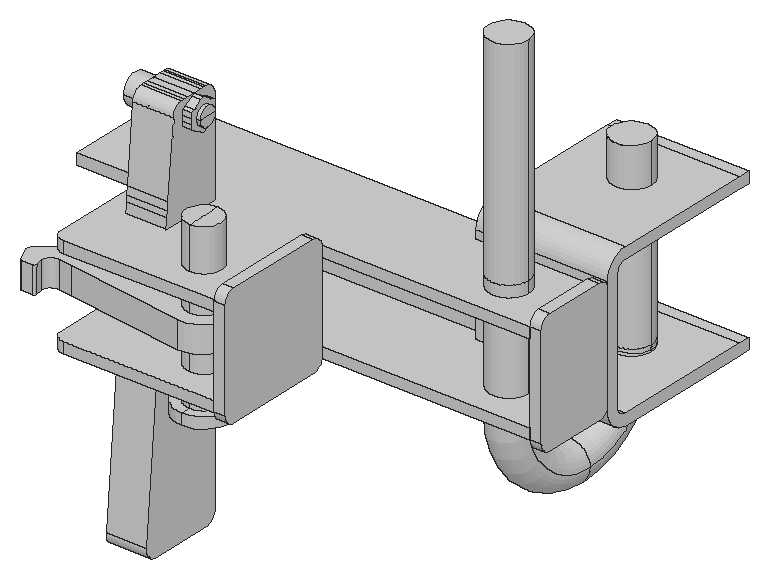
Revit family "ORMA_FOUNDATION HEAD_1908229", category Generic Models, Revit 2018
Family settings
  Can host rebar = No
  Round Connector Dimension = Use Diameter
  Part Type = Normal
  OmniClass Number = 35.51.14.00
  OmniClass Title = FORMWORK
  Work Plane-Based = Yes
  Always vertical = No
  Cut with Voids When Loaded = No
  Shared = Yes
  Room Calculation Point = No
Parameters
  VERSION = "20170217"  # constant formula
  URL = "www.ulmaconstruction.com/en"
  UNICLASS = ""
  Manufacturer = "ULMA CONSTRUCTION"  # constant formula
  ITEM_CODE = "1908229"
  FILTER [instance] = ""
  Default Elevation = 0.000 mm
  CLASSIFICATION_TITLE = ""
  CLASSIFICATION_NUMBER = ""
Reference planes
  plane 1 "Centro (Frontal/Posterior)": y = 0
  plane 2: z = 0
  plane 3 "Centro (Izquierda/Derecha)": x = 0
Forms (mm)
  Extrusion 1, solid, material "ULMA ZINC", detail levels fine
    sketch origin (0, 0, 0) x (0, 1, 0) y (0, 0, 1)
      loop
        line (24, 6.5) -> (-41, 6.5)
        arc (-41, 6.5) -> (-48.071, 3.571) -> (-51, -3.5) r 10
        line (-51, -3.5) -> (-51, -56.5)
        arc (-51, -56.5) -> (-48.071, -63.571) -> (-41, -66.5) r 10
        line (-41, -66.5) -> (24, -66.5) -> (29, -66.5) -> (29, -61.5) -> (24, -61.5) -> (-41, -61.5)
        arc (-41, -61.5) -> (-44.536, -60.036) -> (-46, -56.5) r 5
        line (-46, -56.5) -> (-46, -3.5)
        arc (-46, -3.5) -> (-44.536, 0.036) -> (-41, 1.5) r 5
        line (-41, 1.5) -> (24, 1.5) -> (29, 1.5) -> (29, 6.5) -> (24, 6.5)
    from -30 to 30
  Extrusion 2, solid, material "ULMA ZINC", detail levels fine
    sketch origin (0, 0, 0) x (0, 1, 0) y (0, 0, 1)
      loop
        line (-98.383, 41.597) -> (-101.97, 41.597) -> (-103.978, 41.597) -> (-105.422, 41.597)
        arc (-105.422, 41.597) -> (-108.86, 40.228) -> (-110.415, 36.87) r 5
        line (-110.415, 36.87) -> (-113.365, 3.688) -> (-113.688, 0.05) -> (-113.915, -2.5) -> (-119.739, -68) -> (-125.499, -132.781)
        arc (-125.499, -132.781) -> (-124.286, -136.712) -> (-120.537, -138.403) r 5
        line (-120.537, -138.403) -> (-92, -138.403)
        arc (-92, -138.403) -> (-88.464, -136.939) -> (-87, -133.403) r 5
        line (-87, -133.403) -> (-87, -57) -> (-87, -3) -> (-87, 36.597)
        arc (-87, 36.597) -> (-88.464, 40.132) -> (-92, 41.597) r 5
        line (-92, 41.597) -> (-93, 41.597) -> (-95, 41.597) -> (-98.383, 41.597)
    from -139 to -120.5
  Extrusion 3, solid, material "ULMA ZINC", detail levels fine
    sketch origin (0, 0, 0) x (1, 0, 0) y (0, 1, 0)
      loop
        line (-149, -115.433) -> (-168.166, -130.377)
        arc (-168.166, -130.377) -> (-169.229, -132.003) -> (-169.072, -133.94) r 3
        line (-169.072, -133.94) -> (-166.262, -140.399)
        arc (-166.262, -140.399) -> (-165.893, -140.836) -> (-165.345, -141) r 1
        line (-165.345, -141) -> (-160.243, -141)
        arc (-160.243, -141) -> (-159.464, -140.627) -> (-159.266, -139.786) r 1
        line (-159.266, -139.786) -> (-159.907, -136.856)
        arc (-159.907, -136.856) -> (-158.768, -133.112) -> (-154.979, -132.132) r 4
        line (-154.979, -132.132) -> (-149, -132.917) -> (-94.998, -140)
        arc (-94.998, -140) -> (-80, -124.999) -> (-95, -110) r 15
        line (-95, -110) -> (-120.5, -110) -> (-122, -110) -> (-141, -110)
        arc (-141, -110) -> (-141.975, -110.163) -> (-142.845, -110.634) r 3
        line (-142.845, -110.634) -> (-149, -115.433)
    from -36 to -24
  Extrusion 4, solid, material "ULMA ZINC", detail levels fine
    sketch origin (0, 0, 0) x (1, 0, 0) y (0, 1, 0)
      loop
        line (-75, -89) -> (25, -89) -> (25, -51) -> (-30, -51) -> (-30, -41) -> (-180, -41) -> (-180, -51) -> (-180, -91) -> (-154, -91)
        arc (-154, -91) -> (-150.464, -92.464) -> (-149, -96) r 5
        line (-149, -96) -> (-149, -139)
        arc (-149, -139) -> (-147.354, -142.708) -> (-143.5, -143.975) r 5
        line (-143.5, -143.975) -> (-75, -143.975) -> (-75, -89)
    from -53 to -48
  Extrusion 5, solid, material "ULMA ZINC", detail levels fine
    sketch origin (0, 0, 0) x (1, 0, 0) y (0, 1, 0)
      loop
        line (-180, -41) -> (-180, -91) -> (-154, -91)
        arc (-154, -91) -> (-150.464, -92.464) -> (-149, -96) r 5
        line (-149, -96) -> (-149, -139)
        arc (-149, -139) -> (-147.354, -142.708) -> (-143.5, -143.975) r 5
        line (-143.5, -143.975) -> (-75, -143.975) -> (-75, -89) -> (25, -89) -> (25, -51) -> (-30, -51) -> (-30, -41) -> (-180, -41)
    from -12 to -7
  Extrusion 6, solid, material "ULMA ZINC", detail levels fine
    sketch origin (0, 0, 0) x (0, 1, 0) y (0, 0, 1)
      loop
        line (-41, -48) -> (-41, -12) -> (-46, -12) -> (-46, -48) -> (-41, -48)
    from -180 to -30
  Revolve 7, solid, material "ULMA ZINC", detail levels fine
    sketch origin (-95, 0, 0) x (0, 1, 0) y (0, 0, 1)
      loop
        line (-133, 12) -> (-133, -63) -> (-137.5, -63) -> (-137.5, -68) -> (-125, -68) -> (-125, 12) -> (-133, 12)
      axis (-125, 12) -> (-125, -68)
    angle from 0 to 360
  Sweep 8, solid, material "ULMA ZINC", detail levels fine
    path origin (0, 0, 0) x (0, 1, 0) y (0, 0, 1)
      loop
        line (-70, 96.15) -> (-70, -2) -> (-70, -58.85)
        arc (-70, -58.85) -> (-59.749, -83.598) -> (-35, -93.85) r 35
        arc (-35, -93.85) -> (-12.506, -85.664) -> (-0.533, -64.935) r 35
        arc (-0.533, -64.935) -> (-0.241, -62.953) -> (-0.064, -60.958) r 35
        arc (-0.064, -60.958) -> (-0.016, -59.904) -> (0, -58.85) r 35
        line (0, -58.85) -> (0, 24.15)
    profile origin (0, -70, 47.075) x (1, 0, 0) y (0, 1, 0)
      loop
        circle (0, 0) r 9
  Revolve 9, solid, material "ULMA ZINC", detail levels fine
    sketch origin (0, 0.191, 34.597) x (1, 0, 0) y (0, 1, 0)
      loop
        line (-139, -92.5) -> (-147, -92.5) -> (-147, -99.191) -> (-114, -99.191) -> (-114, -95) -> (-139, -95) -> (-139, -92.5)
      axis (-147, -99.191) -> (-114, -99.191)
    angle from 0 to 360
  Extrusion 10, solid, material "ULMA ZINC", detail levels fine
    sketch origin (0, 0, 0) x (0, 1, 0) y (0, 0, 1)
      loop
        line (-104.055, 38.868) -> (-105.5, 38.034) -> (-105.5, 35.841) -> (-105.5, 33.353) -> (-105.5, 31.16) -> (-104.055, 30.325) -> (-100.172, 28.083) -> (-99, 27.407) -> (-97.828, 28.083) -> (-93.945, 30.325) -> (-92.5, 31.16) -> (-92.5, 33.353) -> (-92.5, 35.841) -> (-92.5, 38.034) -> (-93.945, 38.868) -> (-97.828, 41.11) -> (-99, 41.787) -> (-100.172, 41.11) -> (-104.055, 38.868)
    from -120.5 to -116
  Extrusion 11, solid, material "ULMA ZINC", detail levels fine
    sketch origin (0, 0, 0) x (0, 1, 0) y (0, 0, 1)
      loop
        arc (-89, -7.5) -> (-90.464, -3.964) -> (-94, -2.5) r 5
        line (-94, -2.5) -> (-139, -2.5)
        arc (-139, -2.5) -> (-142.536, -3.964) -> (-144, -7.5) r 5
        line (-144, -7.5) -> (-144, -52.5)
        arc (-144, -52.5) -> (-142.536, -56.036) -> (-139, -57.5) r 5
        line (-139, -57.5) -> (-94, -57.5)
        arc (-94, -57.5) -> (-90.464, -56.036) -> (-89, -52.5) r 5
        line (-89, -52.5) -> (-89, -7.5)
    from -75 to -70
  Extrusion 12, solid, material "ULMA ZINC", detail levels fine
    sketch origin (0, 0, 0) x (0, 1, 0) y (0, 0, 1)
      loop
        arc (-84, -2) -> (-87.536, -3.464) -> (-89, -7) r 5
        line (-89, -7) -> (-89, -53)
        arc (-89, -53) -> (-87.536, -56.536) -> (-84, -58) r 5
        line (-84, -58) -> (-56, -58)
        arc (-56, -58) -> (-52.464, -56.536) -> (-51, -53) r 5
        line (-51, -53) -> (-51, -7)
        arc (-51, -7) -> (-52.464, -3.464) -> (-56, -2) r 5
        line (-56, -2) -> (-84, -2)
    from 25 to 30
  Extrusion 13, solid, material "ULMA ZINC", detail levels coarse+medium
    sketch origin (0, 0, 0) x (1, 0, 0) y (0, 1, 0)
      loop
        line (-180, -41) -> (-180, -91) -> (-154, -91)
        arc (-154, -91) -> (-150.464, -92.464) -> (-149, -96) r 5
        line (-149, -96) -> (-149, -139)
        arc (-149, -139) -> (-147.354, -142.708) -> (-143.5, -143.975) r 5
        line (-143.5, -143.975) -> (-70, -143.975) -> (-70, -89) -> (30, -89) -> (30, -41) -> (-180, -41)
    from -57.5 to -2.5
Dimensions and locks
  aligned and locked: level to plane 2
